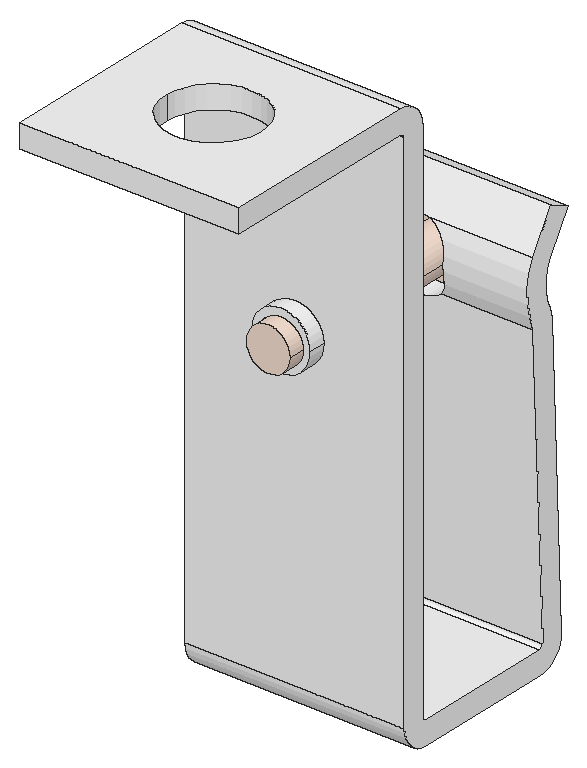
Revit family "RPハンガー4分用(C40×20)", category 機械設備, Revit 2020
Family settings
  丸型コネクタ寸法 = 直径を使用
  種別 = なし
  パーツ タイプ = 標準
  作業面ベース = いいえ
  常に垂直 = はい
  ロード時にボイドで切り取り = いいえ
  共有 = いいえ
  部屋計算ポイント = いいえ
Parameters
  製造元 = "株式会社桐井製作所"
  既定の高さ = 0 mm
  URL = "https://www.kirii.co.jp/"
  K_板厚(mm) = 3.2 mm
  K_材質 = "SGHC一般用"
  K_品名 = "RPハンガー4分用(C40×20)"
  K_名称 = "耐震ハンガー"
  K_入数 = "100"
  K_バージョン情報 = "20211216"
  K_めっき付着量 = "Z12"
  K_JIS規格 = "JIS G 3302"
Reference planes
  plane 1 "中心(正面/背面)": y = 0
  plane 2: z = 0
  plane 3 "中心(左/右)": x = 0
Forms (mm)
  Extrusion 1, solid
    sketch origin (-15, 0, -3.2) x (0, 1, 0) y (0, 0, 1)
      loop
        arc (11.857, 43) -> (11.763, 43.7) -> (11.541, 44.37) r 3.795
        arc (11.541, 44.37) -> (10.837, 47.445) -> (11.494, 50.531) r 7.312
        line (11.494, 50.531) -> (14.549, 55.617) -> (11.638, 56.943) -> (8.578, 51.848)
        arc (8.578, 51.848) -> (7.637, 47.406) -> (8.657, 42.981) r 10.512
        line (8.657, 42.981) -> (10.249, 3.7)
        arc (10.249, 3.7) -> (10.102, 3.346) -> (9.749, 3.2) r 0.5
        line (9.749, 3.2) -> (-9.751, 3.2)
        arc (-9.751, 3.2) -> (-10.105, 3.346) -> (-10.251, 3.7) r 0.5
        line (-10.251, 3.7) -> (-10.251, 76.3)
        arc (-10.251, 76.3) -> (-11.335, 78.916) -> (-13.951, 80) r 3.7
        line (-13.951, 80) -> (-41.7, 80) -> (-41.7, 76.8) -> (-13.951, 76.8)
        arc (-13.951, 76.8) -> (-13.598, 76.654) -> (-13.451, 76.3) r 0.5
        line (-13.451, 76.3) -> (-13.451, 3.7)
        arc (-13.451, 3.7) -> (-12.368, 1.084) -> (-9.751, 0) r 3.7
        line (-9.751, 0) -> (9.749, 0)
        arc (9.749, 0) -> (12.365, 1.084) -> (13.449, 3.7) r 3.7
        line (13.449, 3.7) -> (11.857, 43)
    from 0 to 30
  Extrusion 2, void
    sketch origin (0, 0, -1.4) x (1, 0, 0) y (0, 0, 1)
      loop
        arc (3.5, 46.695) -> (0, 50.2) -> (-3.5, 46.695) r 3.5
        line (-3.5, 46.695) -> (-3.5, 43.695)
        arc (-3.5, 43.695) -> (0, 40.2) -> (3.5, 43.695) r 3.5
        line (3.5, 43.695) -> (3.5, 46.695)
    from -12.82 to -7.027
  Extrusion 3, void
    sketch origin (0, -9.45, -1.403) x (0, 0, -1) y (1, 0, 0)
      loop
        circle (-45.27, 0.008) r 3
    from 0.801 to 6.301
  Extrusion 4, solid
    sketch origin (0, -13.451, -1.325) x (0, 0, -1) y (1, 0, 0)
      loop
        circle (-45.2, 0) r 3
      loop
        circle (-45.2, 0) r 4
    from 0 to 2.3
  Extrusion 5, void
    sketch origin (0, -4.553, 0) x (1, 0, 0) y (0, 1, 0)
      loop
        circle (0, -22.699) r 6.5
    from 73.6 to 76.8
Cuts and joins
  Extrusion 2, Extrusion 3, Extrusion 5 cuts Extrusion 1
Dimensions and locks
  aligned and locked: level to plane 2
Nested families
  nested 1: "M6×30ボルト" at (0, 12.105, 43.984) x (-1, 0, 0) z (0, 0, 1), type "M6×30ボルト"
Definition of nested family "M6×30ボルト"
  Parameters (values of type "M6×30ボルト")
    Manufacturer = "株式会社桐井製作所"
    Default Elevation = 0 mm
    URL = "https://www.kirii.co.jp/"
    K_材料規格 = "M6×L30"
    K_品名 = "M6×30ボルト"
    K_名称 = "ボルト"
  Reference planes
    plane 1 "中心(正面/背面)": y = 0
    plane 2: z = 0
    plane 3 "中心(左/右)": x = 0
    plane 4: x = 10
    plane 5: x = -10
    plane 6 "正面": y = -4
  Forms (mm)
    Extrusion 1, solid
      sketch origin (0, 0, 0) x (1, 0, 0) y (0, 0, 1)
        loop
          line (-4.763, -2.946) -> (0, -5.696) -> (4.763, -2.946) -> (4.763, 2.554) -> (0, 5.304) -> (-4.763, 2.554) -> (-4.763, -2.946)
      from 0 to 4
    Extrusion 2, void
      sketch origin (0, -4, 0) x (-1, 0, 0) y (0, 0, 1)
        loop
          circle (0, -0.156) r 4.396
      from 0 to 1
    Extrusion 3, void
      sketch origin (0, -4, 0) x (-1, 0, 0) y (0, 0, 1)
        loop
          arc (-0.6, 1.814) -> (-1.069, 0.856) -> (-2.036, 0.404) r 1.605
          line (-2.036, 0.404) -> (-2.939, 0.404)
          arc (-2.939, 0.404) -> (-3, -0.195) -> (-2.94, -0.795) r 3
          line (-2.94, -0.795) -> (-2.049, -0.795)
          arc (-2.049, -0.795) -> (-1.074, -1.243) -> (-0.6, -2.206) r 1.605
          line (-0.6, -2.206) -> (-0.6, -3.135)
          arc (-0.6, -3.135) -> (0, -3.196) -> (0.6, -3.135) r 3
          line (0.6, -3.135) -> (0.6, -2.206)
          arc (0.6, -2.206) -> (1.074, -1.243) -> (2.049, -0.795) r 1.605
          line (2.049, -0.795) -> (2.94, -0.795)
          arc (2.94, -0.795) -> (3, -0.198) -> (2.941, 0.398) r 3
          line (2.941, 0.398) -> (2.117, 0.398)
          arc (2.117, 0.398) -> (1.098, 0.828) -> (0.6, 1.814) r 1.605
          line (0.6, 1.814) -> (0.6, 2.743)
          arc (0.6, 2.743) -> (0, 2.804) -> (-0.6, 2.743) r 3
          line (-0.6, 2.743) -> (-0.6, 1.814)
      from 0 to 2
    Extrusion 4, solid
      sketch origin (0, 0, 0) x (1, 0, 0) y (0, 0, 1)
        loop
          circle (-0.011, -0.2) r 3
      from 0 to -30
  Cuts and joins
    Extrusion 2, Extrusion 3 cuts Extrusion 1
    joined: Extrusion 1, Extrusion 4
  Dimensions and locks
    aligned and locked: level to plane 2
